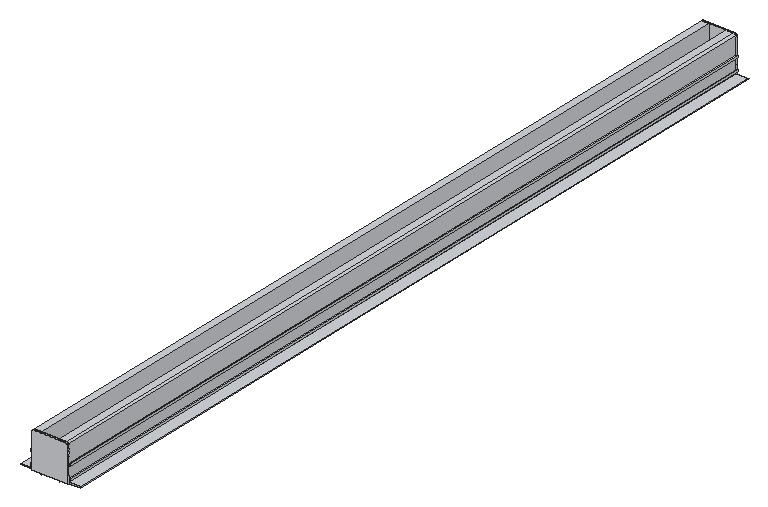
Revit family
Parameters
  URL = "http://www.anemostat.com/"
  Model = "FFBF-100"
  Manufacturer = "Anemostat"
  Length User Defined = 48"
  Duct Width = 2 5/16"
  Duct Length = Length User Defined + 1/4"  # 48 1/4"
  C = 3 1/2"
Reference planes (in)
  plane 1 "Center (Front/Back)": y = 0
  plane 2: z = 0
  plane 3 "Center (Left/Right)": x = 0
  plane 4: x = -1.75
  plane 5: x = 1.75
  plane 6 "Length": y = -48
  plane 7: y = -24
  plane 8: z = 2.053
  plane 9: x = -0.55
  plane 10: x = 0.55
  plane 11 "Face": z = -0.13
Forms (in)
  Extrusion 1, solid
    sketch origin (0, 0, 0) x (1, 0, 0) y (0, 0, 1)
      loop
        line (-1.75, 0) -> (-1.75, -0.031) -> (-0.55, -0.081) -> (-0.55, -0.13) -> (-0.5, -0.13) -> (-0.5, 0) -> (0.5, 0) -> (0.5, -0.13) -> (0.55, -0.13) -> (0.55, -0.08) -> (1.75, -0.031) -> (1.75, 0) -> (1.025, 0) -> (1.025, 0.122) -> (1.145, 0.122) -> (1.145, 0.234) -> (1.095, 0.234) -> (1.095, 0.172) -> (1.025, 0.172) -> (1.025, 0.927) -> (1.095, 0.927) -> (1.095, 0.865) -> (1.145, 0.865) -> (1.145, 0.97597) -> (1.025, 0.97597) -> (1.025, 1.96218) -> (0.93418, 2.053) -> (-0.93418, 2.053) -> (-1.02398, 1.9632) -> (-1.02398, 0.977) -> (-1.145, 0.977) -> (-1.145, 0.865) -> (-1.095, 0.865) -> (-1.095, 0.927) -> (-1.02398, 0.927) -> (-1.02398, 0.172) -> (-1.095, 0.172) -> (-1.095, 0.234) -> (-1.145, 0.234) -> (-1.145, 0.12078) -> (-1.02398, 0.12078) -> (-1.02398, 0) -> (-1.75, 0)
    from 0 to 48 <- "Length User Defined"
  Extrusion 2, solid
    sketch origin (0, 0, 0) x (1, 0, 0) y (0, 0, 1)
      loop
        line (-1.02398, -0.0606) -> (1.025, -0.0606) -> (1.025, 1.96218) -> (0.93418, 2.053) -> (-0.93418, 2.053) -> (-1.02398, 1.9632) -> (-1.02398, -0.0606)
    from 0 to -0.0625
  Extrusion 3, solid
    sketch origin (0, -48, 0) x (0, 0, 1) y (-1, 0, 0)
      loop
        line (-0.0606, -1.025) -> (1.96218, -1.025) -> (2.053, -0.93418) -> (2.053, 0.93418) -> (1.9632, 1.02398) -> (-0.0606, 1.02398) -> (-0.0606, -1.025)
    from 0 to 0.0625
  Extrusion 4, void
    sketch origin (0, 0, 0) x (1, 0, 0) y (0, 0, 1)
      loop
        line (-0.5, 0) -> (0.5, 0) -> (0.5, 2.053) -> (-0.5, 2.053) -> (-0.5, 0)
    from 0 to 48 <- "Length User Defined"
Cuts and joins
  Extrusion 4 cuts Extrusion 1
  Extrusion 4 cuts Extrusion 2
  Extrusion 4 cuts Extrusion 3
Dimensions and locks (in)
  equal spacing: plane 5, plane 3 "Center (Left/Right)", plane 4
  "C": plane 5 to plane 4
  "Length User Defined": plane 1 "Center (Front/Back)" to plane 6 "Length"
  equal spacing: plane 1 "Center (Front/Back)", plane 7, plane 6 "Length"
  locked: plane 5 to plane 10 at 1.2
  locked: plane 9 to plane 4 at 1.2
Automatic sketch dimensions
  Extrusion 1 sketch curve to level = 0"  (x3)
  Extrusion 1 sketch curve to plane 4 = 0"
  Extrusion 1 sketch curve to plane 8 = 0"
  Extrusion 1 sketch curve to plane 9 = 0"
  Extrusion 1 sketch curve to plane 11 "Face" = 0"  (x2)
  Extrusion 1 sketch curve to plane 10 = 0"
  Extrusion 1 sketch curve to plane 5 = 0"
  Extrusion 1 sketch curve to plane 9 = 0.595"  (x2)
  level to Extrusion 1 sketch curve = 0.12078"
  Extrusion 1 sketch curve to Extrusion 1 sketch curve = 0.05"  (x7)
  Extrusion 1 sketch curve to Extrusion 1 sketch curve = 0.07102"  (x2)
  Extrusion 1 sketch curve to plane 8 = 0.0898"
  Extrusion 1 sketch curve to Extrusion 1 sketch curve = 0"  (x2)
  Extrusion 1 sketch curve to Extrusion 1 sketch curve = 0.0898"
  plane 9 to Extrusion 1 sketch curve = 0.05"
  Extrusion 1 sketch curve to plane 10 = 0.05"
  plane 10 to Extrusion 1 sketch curve = 0.38418"
  Extrusion 1 sketch curve to plane 8 = 0.09082"
  Extrusion 1 sketch curve to Extrusion 1 sketch curve = 0.09082"
  level to Extrusion 1 sketch curve = 0.122"
  plane 10 to Extrusion 1 sketch curve = 0.475"
  Extrusion 1 sketch curve to Extrusion 1 sketch curve = 0.07"  (x2)
  Extrusion 1 sketch curve to Extrusion 1 sketch curve = 0.049"
  Extrusion 1 sketch curve to level = 0.031"  (x2)
  Extrusion 1 sketch curve to Extrusion 1 sketch curve = 0.05122"
  Extrusion 1 sketch curve to Extrusion 1 sketch curve = 0.062"  (x4)
  Extrusion 1 sketch curve to Extrusion 1 sketch curve = 0.631"  (x2)
  Extrusion 1 sketch curve to Extrusion 1 sketch curve = 0.04897"
  Extrusion 2 sketch curve to plane 8 = 0"
  Extrusion 2 sketch curve to level = 0.0606"
  Extrusion 2 sketch curve to plane 9 = 0.47398"
  Extrusion 2 sketch curve to Extrusion 2 sketch curve = 0.0898"
  plane 10 to Extrusion 2 sketch curve = 0.38418"
  plane 10 to Extrusion 2 sketch curve = 0.475"
  Extrusion 2 sketch curve to plane 8 = 0.09082"
  Extrusion 2 sketch curve to plane 8 = 0.0898"
  Extrusion 3 sketch curve to plane 8 = 0"
  Extrusion 3 sketch curve to plane 8 = 0.0898"
  Extrusion 3 sketch curve to plane 8 = 0.09082"
  Extrusion 3 sketch curve to level = 0.0606"
  plane 10 to Extrusion 3 sketch curve = 0.475"
  Extrusion 3 sketch curve to Extrusion 3 sketch curve = 0.09082"
  Extrusion 3 sketch curve to plane 9 = 0.38418"
  Extrusion 3 sketch curve to plane 9 = 0.47398"
  Extrusion 4 sketch curve to plane 8 = 0"
  Extrusion 4 sketch curve to level = 0"
  plane 9 to Extrusion 4 sketch curve = 0.05"
  Extrusion 4 sketch curve to plane 10 = 0.05"
Connectors (in)
  hvac at (0, -24, 2.053), driven by "Duct Width", driven by "Duct Length"
    settings: on Extrusion 1, index 1
